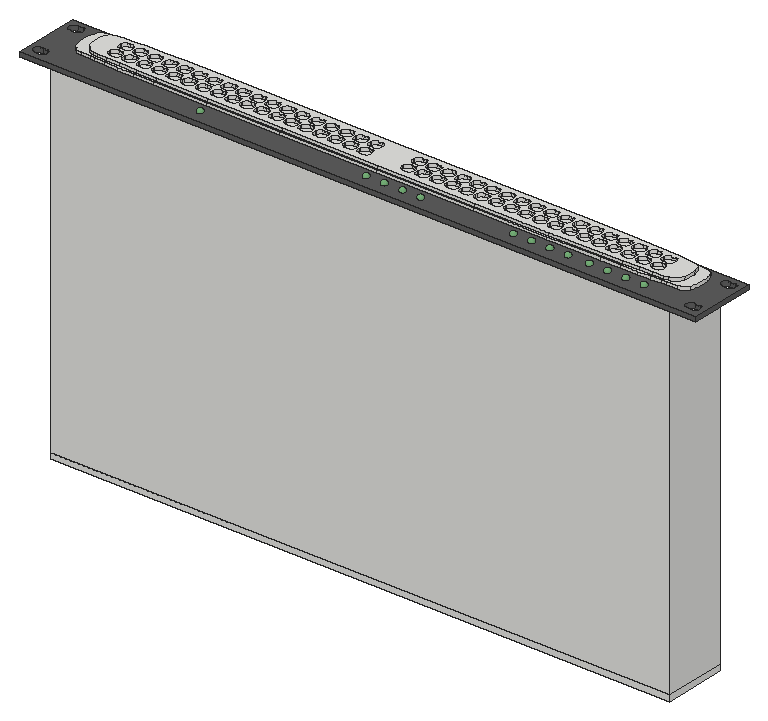
Revit family "Electronics_Expansion-Outputs_Biamp_Vocia_Output-Device_VO-4__", category Communication Devices, host Face, Revit 2020 (continued)
Definition of nested family "VO-4"
  Forms (in)
    Extrusion 6, solid, material <- "Material Case", detail levels medium+fine
      sketch origin (0, -0.15748, 0) x (1, 0, 0) y (0, 0, 1)
        loop
          arc (5.31612, 0.99345) -> (5.27702, 1.08784) -> (5.18264, 1.12693) r 0.13348
          line (5.18264, 1.12693) -> (5.09153, 1.12693)
        loop
          arc (5.50436, 1.12693) -> (5.40998, 1.08784) -> (5.37088, 0.99345) r 0.13348
          line (5.37088, 0.99345) -> (5.37088, 0.95247)
          arc (5.37088, 0.95247) -> (5.41179, 0.8537) -> (5.51056, 0.81278) r 0.13968
          line (5.51056, 0.81278) -> (5.58927, 0.81278)
          arc (5.58927, 0.81278) -> (5.68804, 0.8537) -> (5.72895, 0.95247) r 0.13968
          line (5.72895, 0.95247) -> (5.72895, 0.99345)
          arc (5.72895, 0.99345) -> (5.68986, 1.08784) -> (5.59547, 1.12693) r 0.13348
          line (5.59547, 1.12693) -> (5.50436, 1.12693)
        loop
          arc (5.91393, 1.12693) -> (5.81954, 1.08784) -> (5.78044, 0.99345) r 0.13348
          line (5.78044, 0.99345) -> (5.78044, 0.95247)
          arc (5.78044, 0.95247) -> (5.82136, 0.8537) -> (5.92013, 0.81278) r 0.13968
          line (5.92013, 0.81278) -> (5.99883, 0.81278)
          arc (5.99883, 0.81278) -> (6.0976, 0.8537) -> (6.13852, 0.95247) r 0.13968
          line (6.13852, 0.95247) -> (6.13852, 0.99345)
          arc (6.13852, 0.99345) -> (6.09942, 1.08784) -> (6.00504, 1.12693) r 0.13348
          line (6.00504, 1.12693) -> (5.91393, 1.12693)
        loop
          arc (6.32657, 1.12693) -> (6.23219, 1.08784) -> (6.19309, 0.99345) r 0.13348
          line (6.19309, 0.99345) -> (6.19309, 0.95247)
          arc (6.19309, 0.95247) -> (6.234, 0.8537) -> (6.33278, 0.81278) r 0.13968
          line (6.33278, 0.81278) -> (6.41148, 0.81278)
          arc (6.41148, 0.81278) -> (6.51025, 0.8537) -> (6.55116, 0.95247) r 0.13968
          line (6.55116, 0.95247) -> (6.55116, 0.99345)
          arc (6.55116, 0.99345) -> (6.51207, 1.08784) -> (6.41768, 1.12693) r 0.13348
          line (6.41768, 1.12693) -> (6.32657, 1.12693)
        loop
          arc (6.74288, 1.12693) -> (6.64849, 1.08784) -> (6.6094, 0.99345) r 0.13348
          line (6.6094, 0.99345) -> (6.6094, 0.95247)
          arc (6.6094, 0.95247) -> (6.65031, 0.8537) -> (6.74908, 0.81278) r 0.13968
          line (6.74908, 0.81278) -> (6.82779, 0.81278)
          arc (6.82779, 0.81278) -> (6.92656, 0.8537) -> (6.96747, 0.95247) r 0.13968
          line (6.96747, 0.95247) -> (6.96747, 0.99345)
          arc (6.96747, 0.99345) -> (6.92838, 1.08784) -> (6.83399, 1.12693) r 0.13348
          line (6.83399, 1.12693) -> (6.74288, 1.12693)
        loop
          arc (7.15572, 1.12693) -> (7.06134, 1.08784) -> (7.02224, 0.99345) r 0.13348
          line (7.02224, 0.99345) -> (7.02224, 0.95247)
          arc (7.02224, 0.95247) -> (7.06315, 0.8537) -> (7.16193, 0.81278) r 0.13968
          line (7.16193, 0.81278) -> (7.24063, 0.81278)
          arc (7.24063, 0.81278) -> (7.3394, 0.8537) -> (7.38031, 0.95247) r 0.13968
          line (7.38031, 0.95247) -> (7.38031, 0.99345)
          arc (7.38031, 0.99345) -> (7.34122, 1.08784) -> (7.24683, 1.12693) r 0.13348
          line (7.24683, 1.12693) -> (7.15572, 1.12693)
        loop
          arc (7.57203, 1.12693) -> (7.47764, 1.08784) -> (7.43855, 0.99345) r 0.13348
          line (7.43855, 0.99345) -> (7.43855, 0.95247)
          arc (7.43855, 0.95247) -> (7.47946, 0.8537) -> (7.57823, 0.81278) r 0.13968
          line (7.57823, 0.81278) -> (7.65694, 0.81278)
          arc (7.65694, 0.81278) -> (7.75571, 0.8537) -> (7.79662, 0.95247) r 0.13968
          line (7.79662, 0.95247) -> (7.79662, 0.99345)
          arc (7.79662, 0.99345) -> (7.75753, 1.08784) -> (7.66314, 1.12693) r 0.13348
          line (7.66314, 1.12693) -> (7.57203, 1.12693)
      from 4.92126 to 5
    Extrusion 7, solid, material <- "Material Case", visible <- "Vocia VO-4"
      sketch origin (0, 0, 0) x (1, 0, 0) y (0, 0, 1)
        loop
          line (8.70241, 1.75) -> (-8.69922, 1.75) -> (-8.69922, 0) -> (8.70241, 0) -> (8.70241, 1.75)
        loop
          line (7.50801, 0.86022) -> (6.81904, 0.86022) -> (6.81904, 0.29093) -> (7.50801, 0.29093) -> (7.50801, 0.86022)
        loop
          line (4.66091, 0.69548) -> (3.37866, 0.69548) -> (3.37866, 0.29458) -> (4.66091, 0.29458) -> (4.66091, 0.69548)
        loop
          line (3.28196, 0.69548) -> (1.99971, 0.69548) -> (1.99971, 0.29458) -> (3.28196, 0.29458) -> (3.28196, 0.69548)
        loop
          line (1.62179, 0.69548) -> (0.33955, 0.69548) -> (0.33955, 0.29458) -> (1.62179, 0.29458) -> (1.62179, 0.69548)
        loop
          line (-1.0408, 0.69548) -> (-1.71669, 0.69548) -> (-1.71669, 0.29458) -> (-1.0408, 0.29458) -> (-1.0408, 0.69548)
        loop
          line (-1.81652, 0.69548) -> (-2.49691, 0.69548) -> (-2.49691, 0.29458) -> (-1.81652, 0.29458) -> (-1.81652, 0.69548)
        loop
          line (-2.59663, 0.69548) -> (-3.27254, 0.69548) -> (-3.27254, 0.29458) -> (-2.59663, 0.29458) -> (-2.59663, 0.69548)
        loop
          line (-3.37234, 0.69548) -> (-4.05274, 0.69548) -> (-4.05274, 0.29458) -> (-3.37234, 0.29458) -> (-3.37234, 0.69548)
        loop
          circle (8.32741, 0.875) r 0.14311
      from -5 to -4.83333
    Extrusion 8, solid, detail levels coarse
      sketch origin (0, 0, 0) x (1, 0, 0) y (0, 1, 0)
        loop
          line (-9.5, -4.875) -> (-9.5, -5) -> (9.5, -5) -> (9.5, -4.875) -> (-9.5, -4.875)
      from 0 to 1.77048
  Cuts and joins
    Extrusion 4 cuts Extrusion 2
  Lines and regions (in)
    Masking region 1
      outline origin (0, 0, 0) x (1, 0, 0) y (0, 1, 0)
        loop
          line (-9.5, -5) -> (9.5, -5) -> (9.5, -4.875) -> (8.70241, -4.875) -> (8.70241, 5) -> (-8.69922, 5) -> (-8.69922, -4.875) -> (-9.5, -4.875) -> (-9.5, -5)
    Masking region 2, detail levels medium+fine
      outline origin (0, 0, 0) x (1, 0, 0) y (0, 1, 0)
        loop
          line (-8.69531, -5.07874) -> (-8.37519, -5.07874) -> (-8.37519, -5.15748) -> (8.37154, -5.15748) -> (8.37154, -5.07874) -> (8.69531, -5.07874) -> (8.69531, -5) -> (-8.69531, -5) -> (-8.69531, -5.07874)
    symbolic lines, detail levels medium+fine
      curve 1: line (-8.37519, -5.07874, 0) -> (8.37519, -5.07874, 0)
    symbolic lines
      curve 2: line (-8.69922, -4.875, 0) -> (8.70241, -4.875, 0)
  Dimensions and locks (in)
    aligned and locked: plane 2 to Extrusion 1
    aligned and locked: level to Extrusion 1
  Automatic sketch dimensions
    Extrusion 1 sketch curve to Extrusion 1 sketch curve = 96.00"  (x2)
    level to Extrusion 4 sketch curve = 0.11597"  (x2)
    Extrusion 4 sketch curve to Extrusion 4 sketch curve = 0.13799"  (x4)
    Extrusion 4 sketch curve to Extrusion 4 sketch curve = 0.13395"  (x3)
    Extrusion 4 sketch curve to Extrusion 4 sketch curve = 0.26789"
    Extrusion 6 sketch curve to plane 3 "Center (Left/Right)" = 0.00"
    Extrusion 6 sketch curve to plane 3 "Center (Left/Right)" = 0.44355"
    Extrusion 6 sketch curve to Extrusion 6 sketch curve = 0.00"  (x2)
    Extrusion 6 sketch curve to Extrusion 6 sketch curve = 0.13348"  (x142)
    Extrusion 6 sketch curve to Extrusion 6 sketch curve = 0.0062"  (x121)
    Extrusion 6 sketch curve to Extrusion 6 sketch curve = 0.0787"  (x72)
    Extrusion 6 sketch curve to Extrusion 6 sketch curve = 0.05823"  (x16)
    Extrusion 6 sketch curve to Extrusion 6 sketch curve = 0.09111"  (x21)
    Extrusion 6 sketch curve to Extrusion 6 sketch curve = 0.05477"  (x12)
    Extrusion 6 sketch curve to Extrusion 6 sketch curve = 0.05457"  (x4)
    Extrusion 6 sketch curve to Extrusion 6 sketch curve = 0.05149"  (x4)
    Extrusion 6 sketch curve to Extrusion 6 sketch curve = 0.07784"
    level to Extrusion 6 sketch curve = 0.63949"  (x2)
    Extrusion 6 sketch curve to Extrusion 6 sketch curve = 0.07164"
    Extrusion 6 sketch curve to Extrusion 6 sketch curve = 0.05476"  (x12)
    Extrusion 6 sketch curve to Extrusion 6 sketch curve = 0.0513"  (x4)
    level to Extrusion 6 sketch curve = 0.64526"  (x2)
    Extrusion 6 sketch curve to Extrusion 6 sketch curve = 0.07078"
    Extrusion 6 sketch curve to Extrusion 6 sketch curve = 0.07698"
    Extrusion 6 sketch curve to Extrusion 6 sketch curve = 0.05419"  (x4)
    level to Extrusion 6 sketch curve = 0.66748"
    Extrusion 6 sketch curve to Extrusion 6 sketch curve = 0.24971"
    Extrusion 6 sketch curve to Extrusion 6 sketch curve = 0.24358"
    Extrusion 6 sketch curve to Extrusion 6 sketch curve = 0.07757"
    Extrusion 6 sketch curve to Extrusion 6 sketch curve = 0.08385"
    Extrusion 6 sketch curve to Extrusion 6 sketch curve = 0.0581"  (x4)
    Extrusion 6 sketch curve to Extrusion 6 sketch curve = 0.06442"
    level to Extrusion 6 sketch curve = 0.67739"
    Extrusion 6 sketch curve to Extrusion 6 sketch curve = 0.06785"
    Extrusion 6 sketch curve to Extrusion 6 sketch curve = 0.05456"  (x4)
    level to Extrusion 6 sketch curve = 0.68698"
    Extrusion 6 sketch curve to Extrusion 6 sketch curve = 0.03715"
    Extrusion 6 sketch curve to Extrusion 6 sketch curve = 0.03126"
    Extrusion 6 sketch curve to Extrusion 6 sketch curve = 0.04718"  (x4)
    Extrusion 6 sketch curve to Extrusion 6 sketch curve = 0.07549"
    Extrusion 6 sketch curve to Extrusion 6 sketch curve = 0.08226"
    Extrusion 6 sketch curve to Extrusion 6 sketch curve = 0.24748"
    Extrusion 6 sketch curve to Extrusion 6 sketch curve = 0.1371"
    Extrusion 6 sketch curve to Extrusion 6 sketch curve = 0.23683"
    Extrusion 6 sketch curve to Extrusion 6 sketch curve = 0.24808"
    Extrusion 6 sketch curve to Extrusion 6 sketch curve = 0.12093"  (x2)
    Extrusion 6 sketch curve to Extrusion 6 sketch curve = 0.18526"  (x2)
    plane 3 "Center (Left/Right)" to Extrusion 6 sketch curve = 0.00007"
    plane 3 "Center (Left/Right)" to Extrusion 6 sketch curve = 0.41838"
    Extrusion 6 sketch curve to Extrusion 6 sketch curve = 0.02531"
    Extrusion 6 sketch curve to Extrusion 6 sketch curve = 0.02041"
    Extrusion 6 sketch curve to Extrusion 6 sketch curve = 0.02444"
    Extrusion 6 sketch curve to Extrusion 6 sketch curve = 0.01954"
    level to Extrusion 6 sketch curve = 0.66588"
    Extrusion 6 sketch curve to Extrusion 6 sketch curve = 0.07919"
    Extrusion 6 sketch curve to Extrusion 6 sketch curve = 0.09248"
    Extrusion 6 sketch curve to Extrusion 6 sketch curve = 0.04101"
    Extrusion 6 sketch curve to Extrusion 6 sketch curve = 0.0605"
    level to Extrusion 6 sketch curve = 0.6729"
    Extrusion 6 sketch curve to Extrusion 6 sketch curve = 0.01124"
    Extrusion 6 sketch curve to Extrusion 6 sketch curve = 0.01912"
    level to Extrusion 6 sketch curve = 0.68465"
    Extrusion 6 sketch curve to Extrusion 6 sketch curve = 0.07229"
    Extrusion 6 sketch curve to Extrusion 6 sketch curve = 0.07343"
    Extrusion 6 sketch curve to Extrusion 6 sketch curve = 0.01411"
    Extrusion 6 sketch curve to Extrusion 6 sketch curve = 0.01583"
    Extrusion 6 sketch curve to Extrusion 6 sketch curve = 0.24797"
    Extrusion 6 sketch curve to Extrusion 6 sketch curve = 0.16227"
    Extrusion 6 sketch curve to Extrusion 6 sketch curve = 0.262"
    Extrusion 6 sketch curve to Extrusion 6 sketch curve = 0.01125"
    level to Extrusion 6 sketch curve = 0.63805"
    Extrusion 6 sketch curve to Extrusion 6 sketch curve = 0.01476"
    Extrusion 6 sketch curve to Extrusion 6 sketch curve = 0.01274"
    Extrusion 6 sketch curve to Extrusion 6 sketch curve = 0.02706"
    Extrusion 6 sketch curve to Extrusion 6 sketch curve = 0.02736"
    Extrusion 6 sketch curve to Extrusion 6 sketch curve = 0.01485"  (x2)
    level to Extrusion 6 sketch curve = 0.81278"  (x2)
    Extrusion 6 sketch curve to Extrusion 6 sketch curve = 0.14531"  (x2)
    Extrusion 6 sketch curve to Extrusion 6 sketch curve = 0.12813"
    Extrusion 6 sketch curve to Extrusion 6 sketch curve = 0.13968"  (x19)
    Extrusion 6 sketch curve to Extrusion 6 sketch curve = 0.11337"
    Extrusion 6 sketch curve to Extrusion 6 sketch curve = 0.1733"  (x3)
    Extrusion 6 sketch curve to Extrusion 6 sketch curve = 0.13989"
    Extrusion 6 sketch curve to Extrusion 6 sketch curve = 0.17474"
    Extrusion 6 sketch curve to Extrusion 6 sketch curve = 0.16752"  (x2)
    Extrusion 6 sketch curve to Extrusion 6 sketch curve = 0.1469"
    Extrusion 6 sketch curve to Extrusion 6 sketch curve = 0.11306"
    Extrusion 6 sketch curve to Extrusion 6 sketch curve = 0.1354"
    Extrusion 6 sketch curve to Extrusion 6 sketch curve = 0.12581"
    Extrusion 6 sketch curve to Extrusion 6 sketch curve = 0.04098"  (x72)
    Extrusion 6 sketch curve to Extrusion 6 sketch curve = 0.04869"  (x2)
    Extrusion 6 sketch curve to Extrusion 6 sketch curve = 0.06154"  (x36)
    Extrusion 6 sketch curve to Extrusion 6 sketch curve = 0.25437"
    Extrusion 6 sketch curve to Extrusion 6 sketch curve = 0.03165"
    Extrusion 6 sketch curve to Extrusion 6 sketch curve = 0.01454"
    Extrusion 6 sketch curve to Extrusion 6 sketch curve = 0.29534"  (x2)
    Extrusion 6 sketch curve to Extrusion 6 sketch curve = 0.27388"  (x2)
    Extrusion 6 sketch curve to Extrusion 6 sketch curve = 0.02779"
    Extrusion 6 sketch curve to Extrusion 6 sketch curve = 0.09413"  (x2)
    Extrusion 5 sketch curve to plane 3 "Center (Left/Right)" = 0.00"
    level to Extrusion 5 sketch curve = 0.59296"  (x2)
    level to Extrusion 5 sketch curve = 0.59874"  (x2)
    level to Extrusion 5 sketch curve = 0.6074"  (x2)
    level to Extrusion 5 sketch curve = 0.61315"  (x2)
    level to Extrusion 5 sketch curve = 0.62036"  (x2)
    Extrusion 5 sketch curve to Extrusion 5 sketch curve = 0.36514"  (x4)
    Extrusion 5 sketch curve to Extrusion 5 sketch curve = 0.28256"  (x3)
    Extrusion 5 sketch curve to Extrusion 5 sketch curve = 0.13516"
    Extrusion 5 sketch curve to Extrusion 5 sketch curve = 0.13655"  (x2)
    plane 3 "Center (Left/Right)" to Extrusion 5 sketch curve = 0.00007"
    Extrusion 5 sketch curve to Extrusion 5 sketch curve = 0.46076"
    Extrusion 5 sketch curve to Extrusion 5 sketch curve = 0.46078"  (x3)
    Extrusion 5 sketch curve to Extrusion 5 sketch curve = 0.28258"
    Extrusion 5 sketch curve to Extrusion 5 sketch curve = 0.14085"
    Extrusion 5 sketch curve to Extrusion 5 sketch curve = 0.29811"
    Extrusion 5 sketch curve to Extrusion 5 sketch curve = 0.0212"  (x2)
    level to Extrusion 5 sketch curve = 0.59153"
    Extrusion 5 sketch curve to Extrusion 5 sketch curve = 0.00864"  (x2)
    Extrusion 5 sketch curve to Extrusion 5 sketch curve = 0.01009"  (x4)
    Extrusion 5 sketch curve to Extrusion 5 sketch curve = 0.00737"
    Extrusion 5 sketch curve to Extrusion 5 sketch curve = 0.00769"
    Extrusion 5 sketch curve to Extrusion 5 sketch curve = 0.02103"
    Extrusion 5 sketch curve to Extrusion 5 sketch curve = 0.02134"
    Extrusion 5 sketch curve to Extrusion 5 sketch curve = 0.30051"  (x4)
    Extrusion 5 sketch curve to Extrusion 5 sketch curve = 0.03916"  (x3)
    Extrusion 5 sketch curve to Extrusion 5 sketch curve = 0.19267"  (x2)
    plane 3 "Center (Left/Right)" to Extrusion 2 sketch curve = 9.50"
    plane 3 "Center (Left/Right)" to Extrusion 3 sketch curve = 8.70241"
    plane 3 "Center (Left/Right)" to Extrusion 4 sketch curve = 9.10302"
    Extrusion 4 sketch curve to Extrusion 4 sketch curve = 0.00"  (x2)
    Extrusion 5 sketch curve to Extrusion 5 sketch curve = 0.27993"
    Extrusion 5 sketch curve to Extrusion 5 sketch curve = 0.23666"  (x2)
    Extrusion 5 sketch curve to Extrusion 5 sketch curve = 0.24107"  (x2)
    Extrusion 2 sketch curve to plane 3 "Center (Left/Right)" = 9.50"
    Extrusion 3 sketch curve to plane 3 "Center (Left/Right)" = 8.69922"
    Extrusion 4 sketch curve to plane 3 "Center (Left/Right)" = 9.10242"
    Extrusion 5 sketch curve to Extrusion 5 sketch curve = 0.28133"
    Extrusion 5 sketch curve to Extrusion 5 sketch curve = 0.00"  (x4)
    Extrusion 5 sketch curve to Extrusion 5 sketch curve = 0.01796"
    Extrusion 3 sketch curve to plane 1 "Center (Front/Back)" = 4.83333"
    Extrusion 2 sketch curve to Extrusion 2 sketch curve = 0.125"
    Extrusion 4 sketch curve to Extrusion 4 sketch curve = 0.98166"  (x2)
    Extrusion 5 sketch curve to Extrusion 5 sketch curve = 0.38975"  (x2)
    Extrusion 5 sketch curve to Extrusion 5 sketch curve = 0.02124"  (x2)
    Extrusion 5 sketch curve to Extrusion 5 sketch curve = 0.00746"  (x2)
    Extrusion 5 sketch curve to Extrusion 5 sketch curve = 0.00865"  (x2)
    Extrusion 6 sketch curve to Extrusion 6 sketch curve = 0.29869"  (x2)
    Extrusion 6 sketch curve to Extrusion 6 sketch curve = 0.02625"  (x2)
    Extrusion 6 sketch curve to Extrusion 6 sketch curve = 0.13234"
    Extrusion 6 sketch curve to Extrusion 6 sketch curve = 0.13617"
    Extrusion 6 sketch curve to Extrusion 6 sketch curve = 0.1478"
    Extrusion 6 sketch curve to Extrusion 6 sketch curve = 0.1487"
    Extrusion 6 sketch curve to Extrusion 6 sketch curve = 0.16313"
    Extrusion 6 sketch curve to Extrusion 6 sketch curve = 0.16456"
    Extrusion 6 sketch curve to Extrusion 6 sketch curve = 0.16971"
    Extrusion 6 sketch curve to Extrusion 6 sketch curve = 0.17871"
    Extrusion 6 sketch curve to Extrusion 6 sketch curve = 0.18735"  (x2)
    Extrusion 6 sketch curve to Extrusion 6 sketch curve = 0.19312"
    plane 1 "Center (Front/Back)" to Extrusion 2 sketch curve = 5.00"
    plane 1 "Center (Front/Back)" to Extrusion 3 sketch curve = 4.875"
    Masking region 1 sketch curve to plane 3 "Center (Left/Right)" = 9.50"
    Masking region 1 sketch curve to plane 3 "Center (Left/Right)" = 8.69922"
    plane 3 "Center (Left/Right)" to Masking region 1 sketch curve = 8.70241"
    Masking region 1 sketch curve to Masking region 1 sketch curve = 0.79759"
    plane 1 "Center (Front/Back)" to Masking region 1 sketch curve = 4.875"  (x2)
    Masking region 1 sketch curve to plane 1 "Center (Front/Back)" = 5.00"
    Masking region 1 sketch curve to Masking region 1 sketch curve = 0.125"
    Masking region 2 sketch curve to plane 3 "Center (Left/Right)" = 8.69531"
    Masking region 2 sketch curve to Masking region 2 sketch curve = 0.32012"
    plane 3 "Center (Left/Right)" to Masking region 2 sketch curve = 8.37154"
    Masking region 2 sketch curve to Masking region 2 sketch curve = 0.32377"
    plane 1 "Center (Front/Back)" to Masking region 2 sketch curve = 5.15748"
    Masking region 2 sketch curve to Masking region 2 sketch curve = 0.07874"  (x3)
    Extrusion 7 sketch curve to level = 0.00"
    level to Extrusion 7 sketch curve = 1.75"
    Extrusion 7 sketch curve to plane 3 "Center (Left/Right)" = 8.69922"
    level to Extrusion 7 sketch curve = 0.29458"  (x6)
    Extrusion 7 sketch curve to plane 3 "Center (Left/Right)" = 4.05274"
    Extrusion 7 sketch curve to Extrusion 7 sketch curve = 0.68039"  (x2)
    Extrusion 7 sketch curve to Extrusion 7 sketch curve = 0.0998"
    Extrusion 7 sketch curve to Extrusion 7 sketch curve = 0.67592"
    Extrusion 7 sketch curve to Extrusion 7 sketch curve = 0.09972"
    Extrusion 7 sketch curve to Extrusion 7 sketch curve = 0.09983"
    Extrusion 7 sketch curve to Extrusion 7 sketch curve = 0.67589"
    plane 3 "Center (Left/Right)" to Extrusion 7 sketch curve = 0.33955"
    Extrusion 7 sketch curve to Extrusion 7 sketch curve = 1.28225"  (x3)
    Extrusion 7 sketch curve to Extrusion 7 sketch curve = 0.37792"
    Extrusion 7 sketch curve to Extrusion 7 sketch curve = 0.09671"
    level to Extrusion 7 sketch curve = 0.29093"
    Extrusion 7 sketch curve to Extrusion 7 sketch curve = 2.15812"
    Extrusion 7 sketch curve to Extrusion 7 sketch curve = 0.68897"
    Extrusion 7 sketch curve to Extrusion 7 sketch curve = 0.8194"
    Extrusion 7 sketch curve to Extrusion 7 sketch curve = 0.375"
    Extrusion 7 sketch curve to Extrusion 7 sketch curve = 0.00"  (x5)
    Extrusion 7 sketch curve to Extrusion 7 sketch curve = 0.40089"  (x3)
    Extrusion 7 sketch curve to Extrusion 7 sketch curve = 0.56928"
    Extrusion 7 sketch curve to Extrusion 7 sketch curve = 0.01478"
    Extrusion 5 sketch curve to plane 3 "Center (Left/Right)" = 2.72254"
    level to Extrusion 5 sketch curve = 1.72765"  (x2)
    Extrusion 5 sketch curve to Extrusion 5 sketch curve = 2.06333"  (x2)
    Extrusion 5 sketch curve to Extrusion 5 sketch curve = 1.4997"
    level to Extrusion 5 sketch curve = 1.71901"  (x2)
    level to Extrusion 5 sketch curve = 1.71324"  (x2)
    Extrusion 5 sketch curve to Extrusion 5 sketch curve = 0.56798"  (x3)
    Extrusion 5 sketch curve to Extrusion 5 sketch curve = 2.72117"
    Extrusion 5 sketch curve to Extrusion 5 sketch curve = 0.0013"  (x2)
    Extrusion 5 sketch curve to Extrusion 5 sketch curve = 1.49968"
    Extrusion 5 sketch curve to Extrusion 5 sketch curve = 0.00132"
    Extrusion 5 sketch curve to Extrusion 5 sketch curve = 0.56801"
    Extrusion 5 sketch curve to Extrusion 5 sketch curve = 1.14045"
    curve 2 to plane 3 "Center (Left/Right)" = 8.69922"
    plane 1 "Center (Front/Back)" to curve 1 = 5.07874"
    curve 2 to curve 1 = 0.32404"
    plane 3 "Center (Left/Right)" to curve 1 = 8.37519"
    curve 1 to curve 2 = 0.32723"
    curve 1 to curve 2 = 0.20374"
    Extrusion 8 sketch curve to plane 3 "Center (Left/Right)" = 9.50"
    plane 3 "Center (Left/Right)" to Extrusion 8 sketch curve = 9.50"
    plane 1 "Center (Front/Back)" to Extrusion 8 sketch curve = 5.00"
    Extrusion 8 sketch curve to Extrusion 8 sketch curve = 0.125"
    radius of Extrusion 7 sketch curve = 0.14311"
